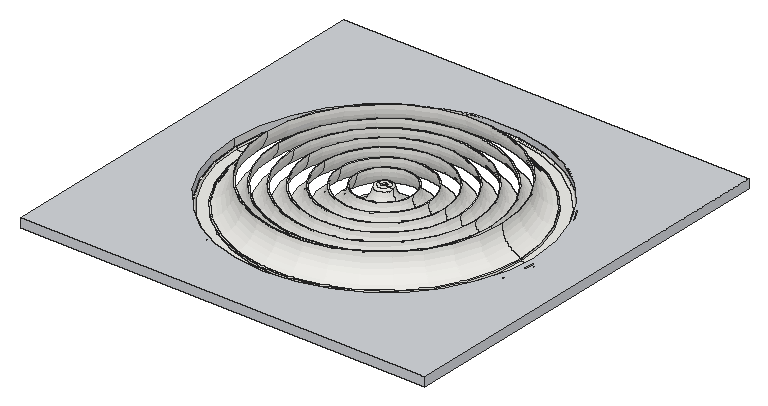
Revit family "MADEL_DIFFUSER_FIXED CONES_DCN-MOD_0", category Air Terminals, Revit 2015
Parameters (values of type "DCN-MOD/675-400")
  n_factor [instance] = 21.183
  m_factor = 2.2493  # constant formula
  c_factor [instance] = 10.261
  b_factor = -5.9678
  T24 [instance] = no
  T15 [instance] = no
  Standard = "UNE 23-727 M2/ NFP 92-501 M2/ DIN 4102 M2"  # constant formula
  Revit Version = "Revit 2015 - English"  # constant formula
  Review Date = "10/2016"  # constant formula
  R9010 [instance] = no
  R3E [instance] = yes
  Q [instance] = 844.2 m³/h
  Product Type [instance] = Model  # "DCN-MOD/675-400"
  Product Size = "dim.400"
  Product Reference [instance] = if(R3E, if(Nº Options = 2, if(PFLEX, if(E = 595.0 mm, "DCN-MOD/600+R3E+PFLEX", if(E = 620.0 mm, "DCN-MOD/625+R3E+PFLEX", if(E = 670.0 mm, "DCN-MOD/675+R3E+PFLEX", "Consult Manufacturer"))), if(T15, if(E = 595.0 mm, "DCN-MOD/600/T15+R3E", if(E = 620.0 mm, "DCN-MOD/625/T15+R3E", if(E = 670.0 mm, "DCN-MOD/675/T15+R3E", "Consult Manufacturer"))), if(T24, if(E = 595.0 mm, "DCN-MOD/600/T24+R3E", if(E = 620.0 mm, "DCN-MOD/625/T24+R3E", if(E = 670.0 mm, "DCN-MOD/675/T24+R3E", "Consult Manufacturer"))), "Consult Manufacturer"))), if(PFLEX, if(Nº Options = 3, if(T15, if(E = 595.0 mm, "DCN-MOD/600/T15+R3E+PFLEX", if(E = 620.0 mm, "DCN-MOD/625/T15+R3E+PFLEX", if(E = 670.0 mm, "DCN-MOD/675/T15+R3E+PFLEX", "Consult Manufacturer"))), if(T24, if(E = 595.0 mm, "DCN-MOD/600/T24+R3E+PFLEX", if(E = 620.0 mm, "DCN-MOD/625/T24+R3E+PFLEX", if(E = 670.0 mm, "DCN-MOD/675/T24+R3E+PFLEX", "Consult Manufacturer"))), "Consult Manufacturer")), "Consult Manufacturer"), if(Nº Options = 1, if(E = 595.0 mm, "DCN-MOD/600+R3E", if(E = 620.0 mm, "DCN-MOD/625+R3E", if(E = 670.0 mm, "DCN-MOD/675+R3E", "Consult Manufacturer"))), "Consult Manufacturer"))), if(PFLEX, if(Nº Options = 2, if(T15, if(E = 595.0 mm, "DCN-MOD/600/T15+PFLEX", if(E = 620.0 mm, "DCN-MOD/625/T15+PFLEX", if(E = 670.0 mm, "DCN-MOD/675/T15+PFLEX", "Consult Manufacturer"))), if(T24, if(E = 595.0 mm, "DCN-MOD/600/T24+PFLEX", if(E = 620.0 mm, "DCN-MOD/625/T24+PFLEX", if(E = 670.0 mm, "DCN-MOD/675/T24+PFLEX", "Consult Manufacturer"))), "Consult Manufacturer")), if(Nº Options = 1, if(E = 595.0 mm, "DCN-MOD/600+PFLEX", if(E = 620.0 mm, "DCN-MOD/625+PFLEX", if(E = 670.0 mm, "DCN-MOD/675+PFLEX", "Consult Manufacturer"))), "Consult Manufacturer")), if(Nº Options = 1, if(T15, if(E = 595.0 mm, "DCN-MOD/600/T15", if(E = 620.0 mm, "DCN-MOD/625/T15", if(E = 670.0 mm, "DCN-MOD/675/T15", "Consult Manufacturer"))), if(T24, if(E = 595.0 mm, "DCN-MOD/600/T24", if(E = 620.0 mm, "DCN-MOD/625/T24", if(E = 670.0 mm, "DCN-MOD/675/T24", "Consult Manufacturer"))), "Consult Manufacturer")), if(Nº Options = 0, if(E = 595.0 mm, "DCN-MOD/600", if(E = 620.0 mm, "DCN-MOD/625", if(E = 670.0 mm, "DCN-MOD/675", "Consult Manufacturer"))), "Consult Manufacturer"))))  # "DCN-MOD/675+R3E"
  PFLEX [instance] = no
  Vmin = 2.5 m/s  # constant formula
  Vmed = (Vmax + Vmin) / 2  # 3.35 m/s
  Vmax = 4.2 m/s
  V[m/s] [instance] = Q / Afree / 1.0 m/s  # 3.35
  URL = "http://www.madel.com/en/producto/dcn-fixed-cones-diffusers/"
  RAL [instance] = ""
  Nº Options [instance] = if(R3E, 1, 0) + if(PFLEX, 1, 0) + if(T15, 1, 0) + if(T24, 1, 0)  # 1
  Nº Finishes [instance] = if(M9016, 1, 0) + if(R9010, 1, 0)  # 1
  Model = "DCN-MOD/675-400"
  Material and finishes [instance] = if(and(M9016, Nº Finishes = 1), "M9016", if(and(R9010, Nº Finishes = 1), "R9010", if(Nº Finishes = 0, "Custom RAL", "Consult Manufacturer")))  # "M9016"
  Material Difusser = MADEL_M9016
  Material Ceiling Tile = none
  M9016 [instance] = yes
  Type Image = <None>
  Lw (dB(A)) [instance] = n_factor * (log([V[m/s]]) / log(2.7183)) + c_factor  # 35.8704
  IfcExportType = "IfcAirTerminalType"  # constant formula
  IfcExportAs = "IfcAirTerminalType"  # constant formula
  Min Flow = Vmin * Afree  # 630 m³/h
  Max Flow = Vmax * Afree  # 1058.4 m³/h
  Manufacturer = "MADEL"  # constant formula
  Family Version = "1.0"  # constant formula
  E = 670.0 mm
  Difusser = MADEL_DIFUSOR_CIRCULAR_DCN-CONOS : DCN-400
  Description = "MADEL_Fixed cones diffusers"  # constant formula
  D_Connector = 400.0 mm
  DPt [instance] = (10 ^ (log(Q / 1 m³/h) * m_factor + b_factor)) * 1.0 Pa  # 4.11692 Pa
  D3 = D1 - 2.0 mm  # 388.9 mm
  D2 = 499.6 mm
  D1 = 390.9 mm
  Type Comments = "The DCN series diffusers are designed to be used in air-conditioning, ventilation and heating. They can be mounted in false ceilings or suspended from the ceiling. Its circular shape assures a uniform air pattern in all directions, which provides a high level of induction rate of the air in the atmosphere. They can be used in premises up to 4 meters high and with a temperature differential up to 12º, obtaining good results, not only in air speed but also in sound pressure level in the comfort zone."  # constant formula
  Created by = "BIMETRICAL"  # constant formula
  BIMETRICAL Category = "AirTerminal"  # constant formula
  BIMETRICAL = "http://www.bimetrical.com"  # constant formula
  B = 15.0 mm
  Afree = 0.0700 m²
Types (18, lengths in mm): name | n_factor | c_factor | b_factor | T24 | Q | Product Type | Product Size | Product Reference | Vmed | Vmax | V[m/s] | Nº Options | Model | Lw (dB(A)) | Min Flow | Max Flow | E | Difusser | D_Connector | DPt | D3 | D2 | D1 | B | Afree
  DCN-MOD/600-160 | 23.863 | 0.4892 | -4.1956 | no | 221.76 m³/h | "DCN-MOD/600-160" | "dim.160" | "DCN-MOD/600+R3E" | 3.85 m/s | 5.2 m/s | 3.85 | 1 | "DCN-MOD/600-160" | 32.6583 | 144 m³/h | 299.52 m³/h | 595.0 | MADEL_DIFUSOR_CIRCULAR_DCN-CONOS : DCN-160 | 160.0 | 12.0469 Pa | 150.3 | 261.0 | 152.3 | 12.0 | 0.0160 m²
  DCN-MOD/600-200 | 21.253 | 2.729 | -4.6467 | no | 302.4 m³/h | "DCN-MOD/600-200" | "dim.200" | "DCN-MOD/600+R3E" | 4.2 m/s | 5.9 m/s | 4.2 | 1 | "DCN-MOD/600-200" | 33.2288 | 180 m³/h | 424.8 m³/h | 595.0 | MADEL_DIFUSOR_CIRCULAR_DCN-CONOS : DCN-200 | 200.0 | 8.56541 Pa | 193.3 | 304.0 | 195.3 | 12.0 | 0.0200 m²
  DCN-MOD/600-250 | 23.814 | 1.9153 | -4.9915 | no | 445.5 m³/h | "DCN-MOD/600-250" | "dim.250" | "DCN-MOD/600+R3E" | 3.75 m/s | 5.0 m/s | 3.75 | 1 | "DCN-MOD/600-250" | 33.3916 | 297 m³/h | 594 m³/h | 595.0 | MADEL_DIFUSOR_CIRCULAR_DCN-CONOS : DCN-250 | 250.0 | 9.25643 Pa | 242.3 | 353.0 | 244.3 | 12.0 | 0.0330 m²
  DCN-MOD/600-315 | 22.557 | 4.2741 | -5.3438 | no | 621 m³/h | "DCN-MOD/600-315" | "dim.315" | "DCN-MOD/600+R3E" | 3.75 m/s | 5.0 m/s | 3.75 | 1 | "DCN-MOD/600-315" | 34.0889 | 414 m³/h | 828 m³/h | 595.0 | MADEL_DIFUSOR_CIRCULAR_DCN-CONOS : DCN-315 | 315.0 | 8.6808 Pa | 304.0 | 414.6 | 306.0 | 12.0 | 0.0460 m²
  DCN-MOD/600-355 | 19.887 | 9.3703 | -5.6448 | no | 722.7 m³/h | "DCN-MOD/600-355" | "dim.355" | "DCN-MOD/600+R3E" | 3.65 m/s | 4.8 m/s | 3.65 | 1 | "DCN-MOD/600-355" | 35.1185 | 495 m³/h | 950.4 m³/h | 595.0 | MADEL_DIFUSOR_CIRCULAR_DCN-CONOS : DCN-355 | 355.0 | 6.10535 Pa | 343.9 | 454.6 | 345.9 | 12.0 | 0.0550 m²
  DCN-MOD/600-400 | 21.183 | 10.261 | -5.9678 | no | 844.2 m³/h | "DCN-MOD/600-400" | "dim.400" | "DCN-MOD/600+R3E" | 3.35 m/s | 4.2 m/s | 3.35 | 1 | "DCN-MOD/600-400" | 35.8704 | 630 m³/h | 1058.4 m³/h | 595.0 | MADEL_DIFUSOR_CIRCULAR_DCN-CONOS : DCN-400 | 400.0 | 4.11692 Pa | 388.9 | 499.6 | 390.9 | 12.0 | 0.0700 m²
  DCN-MOD/625-160 | 23.863 | 0.4892 | -4.1956 | no | 221.76 m³/h | "DCN-MOD/625-160" | "dim.160" | "DCN-MOD/625+R3E" | 3.85 m/s | 5.2 m/s | 3.85 | 1 | "DCN-MOD/625-160" | 32.6583 | 144 m³/h | 299.52 m³/h | 620.0 | MADEL_DIFUSOR_CIRCULAR_DCN-CONOS : DCN-160 | 160.0 | 12.0469 Pa | 150.3 | 261.0 | 152.3 | 12.0 | 0.0160 m²
  DCN-MOD/625-200 | 21.253 | 2.729 | -4.6467 | no | 302.4 m³/h | "DCN-MOD/625-200" | "dim.200" | "DCN-MOD/625+R3E" | 4.2 m/s | 5.9 m/s | 4.2 | 1 | "DCN-MOD/625-200" | 33.2288 | 180 m³/h | 424.8 m³/h | 620.0 | MADEL_DIFUSOR_CIRCULAR_DCN-CONOS : DCN-200 | 200.0 | 8.56541 Pa | 193.3 | 304.0 | 195.3 | 12.0 | 0.0200 m²
  DCN-MOD/625-250 | 23.814 | 1.9153 | -4.9915 | no | 445.5 m³/h | "DCN-MOD/625-250" | "dim.250" | "DCN-MOD/625+R3E" | 3.75 m/s | 5.0 m/s | 3.75 | 1 | "DCN-MOD/625-250" | 33.3916 | 297 m³/h | 594 m³/h | 620.0 | MADEL_DIFUSOR_CIRCULAR_DCN-CONOS : DCN-250 | 250.0 | 9.25643 Pa | 242.3 | 353.0 | 244.3 | 12.0 | 0.0330 m²
  DCN-MOD/625-315 | 22.557 | 4.2741 | -5.3438 | no | 621 m³/h | "DCN-MOD/625-315" | "dim.315" | "DCN-MOD/625+R3E" | 3.75 m/s | 5.0 m/s | 3.75 | 1 | "DCN-MOD/625-315" | 34.0889 | 414 m³/h | 828 m³/h | 620.0 | MADEL_DIFUSOR_CIRCULAR_DCN-CONOS : DCN-315 | 315.0 | 8.6808 Pa | 304.0 | 414.6 | 306.0 | 12.0 | 0.0460 m²
  DCN-MOD/625-355 | 19.887 | 9.3703 | -5.6448 | no | 722.7 m³/h | "DCN-MOD/625-355" | "dim.355" | "DCN-MOD/625+R3E" | 3.65 m/s | 4.8 m/s | 3.65 | 1 | "DCN-MOD/625-355" | 35.1185 | 495 m³/h | 950.4 m³/h | 620.0 | MADEL_DIFUSOR_CIRCULAR_DCN-CONOS : DCN-355 | 355.0 | 6.10535 Pa | 343.9 | 454.6 | 345.9 | 12.0 | 0.0550 m²
  DCN-MOD/625-400 | 21.183 | 10.261 | -5.9678 | no | 844.2 m³/h | "DCN-MOD/625-400" | "dim.400" | "DCN-MOD/625+R3E" | 3.35 m/s | 4.2 m/s | 3.35 | 1 | "DCN-MOD/625-400" | 35.8704 | 630 m³/h | 1058.4 m³/h | 620.0 | MADEL_DIFUSOR_CIRCULAR_DCN-CONOS : DCN-400 | 400.0 | 4.11692 Pa | 388.9 | 499.6 | 390.9 | 12.0 | 0.0700 m²
  DCN-MOD/675-160 | 23.863 | 0.4892 | -4.1956 | no | 221.76 m³/h | "DCN-MOD/675-160" | "dim.160" | "DCN-MOD/675+R3E" | 3.85 m/s | 5.2 m/s | 3.85 | 1 | "DCN-MOD/675-160" | 32.6583 | 144 m³/h | 299.52 m³/h | 670.0 | MADEL_DIFUSOR_CIRCULAR_DCN-CONOS : DCN-160 | 160.0 | 12.0469 Pa | 150.3 | 261.0 | 152.3 | 15.0 | 0.0160 m²
  DCN-MOD/675-200 | 21.253 | 2.729 | -4.6467 | no | 302.4 m³/h | "DCN-MOD/675-200" | "dim.200" | "DCN-MOD/675+R3E" | 4.2 m/s | 5.9 m/s | 4.2 | 1 | "DCN-MOD/675-200" | 33.2288 | 180 m³/h | 424.8 m³/h | 670.0 | MADEL_DIFUSOR_CIRCULAR_DCN-CONOS : DCN-200 | 200.0 | 8.56541 Pa | 193.3 | 304.0 | 195.3 | 15.0 | 0.0200 m²
  DCN-MOD/675-250 | 23.814 | 1.9153 | -4.9915 | no | 445.5 m³/h | "DCN-MOD/675-250" | "dim.250" | "DCN-MOD/675+R3E" | 3.75 m/s | 5.0 m/s | 3.75 | 1 | "DCN-MOD/675-250" | 33.3916 | 297 m³/h | 594 m³/h | 670.0 | MADEL_DIFUSOR_CIRCULAR_DCN-CONOS : DCN-250 | 250.0 | 9.25643 Pa | 242.3 | 353.0 | 244.3 | 15.0 | 0.0330 m²
  DCN-MOD/675-315 | 22.557 | 4.2741 | -5.3438 | yes | 621 m³/h | "DCN-MOD/675-315" | "dim.315" | "DCN-MOD/675/T24+R3E" | 3.75 m/s | 5.0 m/s | 3.75 | 2 | "DCN-MOD/675-315" | 34.0889 | 414 m³/h | 828 m³/h | 670.0 | MADEL_DIFUSOR_CIRCULAR_DCN-CONOS : DCN-315 | 315.0 | 8.6808 Pa | 304.0 | 414.6 | 306.0 | 15.0 | 0.0460 m²
  DCN-MOD/675-355 | 19.887 | 9.3703 | -5.6448 | no | 722.7 m³/h | "DCN-MOD/675-355" | "dim.355" | "DCN-MOD/675+R3E" | 3.65 m/s | 4.8 m/s | 3.65 | 1 | "DCN-MOD/675-355" | 35.1185 | 495 m³/h | 950.4 m³/h | 670.0 | MADEL_DIFUSOR_CIRCULAR_DCN-CONOS : DCN-355 | 355.0 | 6.10535 Pa | 343.9 | 454.6 | 345.9 | 15.0 | 0.0550 m²
  DCN-MOD/675-400 | 21.183 | 10.261 | -5.9678 | no | 844.2 m³/h | "DCN-MOD/675-400" | "dim.400" | "DCN-MOD/675+R3E" | 3.35 m/s | 4.2 m/s | 3.35 | 1 | "DCN-MOD/675-400" | 35.8704 | 630 m³/h | 1058.4 m³/h | 670.0 | MADEL_DIFUSOR_CIRCULAR_DCN-CONOS : DCN-400 | 400.0 | 4.11692 Pa | 388.9 | 499.6 | 390.9 | 15.0 | 0.0700 m²
Reference planes
  plane 1 "Centro (Frontal/Posterior)": z = 0
  plane 2: y = 352.248
  plane 3 "Centro (Izquierda/Derecha)": x = 0
  plane 4: x = -335
  plane 5: x = 335
  plane 6: y = 687.248
  plane 7: y = 17.248
  plane 8: z = 15
Forms (mm)
  Extrusion 1, solid, material <- "Material Ceiling Tile"
    sketch origin (0, 0, 0) x (1, 0, 0) y (0, 1, 0)
      loop
        line (-335, 687.248) -> (-335, 17.248) -> (335, 17.248) -> (335, 687.248) -> (-335, 687.248)
      loop
        circle (0, 352.248) r 249.8
    from 0 to 15
  Extrusion 2, solid, material "MADEL_M9016" <- "Material Difusser", visible <- "PFLEX"
    sketch origin (0, 0, 0) x (1, 0, 0) y (0, 1, 0)
      loop
        circle (0, 352.248) r 195.45
      loop
        circle (0, 352.248) r 194.45
    from 45.006 to 95
Lines and regions (mm)
  symbolic lines
    curve 1: line (-335, 687.248, 0) -> (335, 687.248, 0)
    curve 2: line (-335, 17.248, 0) -> (-335, 687.248, 0)
    curve 3: line (335, 17.248, 0) -> (-335, 17.248, 0)
    curve 4: line (335, 687.248, 0) -> (335, 17.248, 0)
Dimensions and locks
  equal spacing: plane 4, plane 3 "Centro (Izquierda/Derecha)", plane 5
  "E": plane 4 to plane 5
  equal spacing: plane 6, plane 2, plane 7
  "E": plane 6 to plane 7
  "B": plane 8 to plane 1 "Centro (Frontal/Posterior)"
  "D2": diameter of Extrusion 1 sketch curve
  "D3": diameter of Extrusion 2 sketch curve
  "D1": diameter of Extrusion 2 sketch curve
  aligned and locked: plane 2 to nested 1
  aligned and locked: plane 3 "Centro (Izquierda/Derecha)" to nested 1
  aligned and locked: plane 1 "Centro (Frontal/Posterior)" to nested 1
  aligned and locked: Extrusion 1 sketch curve to plane 6
  aligned and locked: plane 4 to Extrusion 1 sketch curve
  aligned and locked: plane 7 to Extrusion 1 sketch curve
  aligned and locked: Extrusion 1 sketch curve to plane 5
  aligned and locked: plane 7 to curve 3
  aligned and locked: curve 4 to plane 5
  aligned and locked: curve 1 to plane 6
  aligned and locked: plane 4 to curve 2
  aligned and locked: plane 8 to Extrusion 1
  aligned and locked: plane 1 "Centro (Frontal/Posterior)" to Extrusion 1
  aligned and locked: plane 2 to Extrusion 2 sketch curve  (x2)
  aligned and locked: plane 3 "Centro (Izquierda/Derecha)" to Extrusion 2 sketch curve  (x2)
Automatic sketch dimensions
  plane 2 to Extrusion 1 sketch curve = 0.0 mm
  Extrusion 1 sketch curve to plane 3 "Centro (Izquierda/Derecha)" = 0.0 mm
Nested families
  nested 1: "MADEL_DIFUSOR_CIRCULAR_DCN-CONOS" at (0, 352.248, 0), type <- "Difusser", type "DCN-400"
Connectors
  hvac at (0, 352.248, 45.006), driven by "D_Connector", driven by "DPt", driven by "Q"
    settings: on nested 1, index 1, duct flow 844.2 m³/h, flow factor 0, pres drop 4.11692 Pa, loss coef 0, conn angle 0.00°, conn width 304.8 mm, conn height 304.8 mm, conn diameter 400 mm, duct sys type 1, conn prof type 0, flow config 1, flow direction 1, loss method 4, conn ref index -1, conn util no, is conn primary yes, conn desc ""
Definition of nested family "MADEL_DIFUSOR_CIRCULAR_DCN-CONOS"
  Parameters (values of type "DCN-400")
    V400 = yes
    V355 = yes
    V315 = yes
    V250 = yes
    V200 = yes
    V160 = yes
    Material Difusor = none
    Cono Interior = DCN_INT : DCN_INT
    Cono Exterior = DCN_EXT_400 : DCN_EXT_400
  Types (6, lengths in mm): name | V400 | V355 | V315 | V250 | V200 | Cono Exterior
    DCN-160 | no | no | no | no | no | DCN_EXT_160 : DCN_EXT_160
    DCN-200 | no | no | no | no | yes | DCN_EXT_200 : DCN_EXT_200
    DCN-250 | no | no | no | yes | yes | DCN_EXT_250 : DCN_EXT_250
    DCN-315 | no | no | yes | yes | yes | DCN_EXT_315 : DCN_EXT_315
    DCN-355 | no | yes | yes | yes | yes | DCN_EXT_355 : DCN_EXT_355
    DCN-400 | yes | yes | yes | yes | yes | DCN_EXT_400 : DCN_EXT_400
  Reference planes
    plane 1 "Centro (Frontal/Posterior)": y = 0
    plane 2: z = 0
    plane 3 "Centro (Izquierda/Derecha)": x = 0
  Dimensions and locks
    aligned and locked: level to plane 2
  Nested families
    nested 1: "DCN_EXT_400" at (0, 0, 0), type <- "Cono Exterior", type "DCN_EXT_400"
    nested 2: "DCN_INT" at (0, 0, 0), type "DCN_INT"
    nested 3: "DCN_MED_160" at (0, 0, 0), visible <- "V160", type "DCN_MED_160"
    nested 4: "DCN_MED_200" at (0, 0, 0), visible <- "V200", type "DCN_MED_200"
    nested 5: "DCN_MED_250" at (0, 0, 0), visible <- "V250", type "DCN_MED_250"
    nested 6: "DCN_MED_315" at (0, 0, 0), visible <- "V315", type "DCN_MED_315"
    nested 7: "DCN_MED_355" at (0, 0, 0), visible <- "V355", type "DCN_MED_355"
    nested 8: "DCN_MED_400" at (0, 0, 0), visible <- "V400", type "DCN_MED_400"
  Definition of nested family "DCN_EXT_400"
    Parameters (values of type "DCN_EXT_400")
      Ø int = Ø ext - 50.0 mm  # 449.6 mm
      Ø ext = 499.6 mm
      Material Difusor = none
    Reference planes
      plane 1 "Centro (Frontal/Posterior)": y = 0
      plane 2: z = 0
      plane 3 "Centro (Izquierda/Derecha)": x = 0
    Forms (mm)
      Revolve 1, solid, material <- "Material Difusor", detail levels medium+fine
        sketch origin (0, 0, 0) x (1, 0, 0) y (0, 0, 1)
          loop
            arc (-226.157, 5.05) -> (-226.693, 4.693) -> (-226.9, 4.083) r 1
            line (-226.9, 4.083) -> (-226.9, 1.2) -> (-247.3, 1.2)
            arc (-247.3, 1.2) -> (-248.198, 3.44) -> (-246.001, 2.441) r 1.3
            line (-246.001, 2.441) -> (-244.803, 2.386)
            arc (-244.803, 2.386) -> (-249.027, 4.308) -> (-247.3, 0) r 2.5
            line (-247.3, 0) -> (-226.8, 0)
            arc (-226.8, 0) -> (-226.093, 0.293) -> (-225.8, 1) r 1
            line (-225.8, 1) -> (-225.8, 4.006)
            arc (-225.8, 4.006) -> (-203.104, 19.164) -> (-194.33, 45.006) r 42.443
            line (-194.33, 45.006) -> (-195.43, 45.006)
            arc (-195.43, 45.006) -> (-204, 19.804) -> (-226.157, 5.05) r 41.343
          axis (0, 45.006) -> (0, 0)
        angle from 0 to 360
      Revolve 2, solid, material <- "Material Difusor", detail levels coarse
        sketch origin (0, 0, 0) x (1, 0, 0) y (0, 0, 1)
          loop
            line (0, 45.006) -> (-195.43, 45.006)
            arc (-195.43, 45.006) -> (-204, 19.804) -> (-226.157, 5.05) r 41.343
            arc (-226.157, 5.05) -> (-226.693, 4.693) -> (-226.9, 4.083) r 1
            line (-226.9, 4.083) -> (-226.9, 1.2) -> (-247.3, 1.2)
            arc (-247.3, 1.2) -> (-248.198, 3.44) -> (-246.001, 2.441) r 1.3
            line (-246.001, 2.441) -> (-244.803, 2.386)
            arc (-244.803, 2.386) -> (-249.027, 4.308) -> (-247.3, 0) r 2.5
            line (-247.3, 0) -> (0, 0) -> (0, 45.006)
          axis (0, 45.006) -> (0, 0)
        angle from 0 to 360
    Lines and regions (mm)
      symbolic lines
        curve 1: circle (0, 0, 0) r 249.8 normal (0, 0, 1)
        curve 2: circle (0, 0, 0) r 224.8 normal (0, 0, 1)
    Dimensions and locks
      "Ø ext": diameter of curve 1
      "Ø int": diameter of curve 2
      aligned and locked: level to plane 2
    Automatic sketch dimensions
      Revolve 2 sketch curve to Revolve 2 sketch curve = 0.0 mm  (x2)
      Revolve 2 sketch curve to plane 3 "Centro (Izquierda/Derecha)" = 0.0 mm  (x2)
      Revolve 2 sketch curve to level = 0.0 mm
      Revolve 2 sketch curve to Revolve 2 sketch curve = 1.0 mm
      level to Revolve 2 sketch curve = 2.386 mm
      Revolve 2 sketch curve to Revolve 2 sketch curve = 17.903 mm
      level to Revolve 2 sketch curve = 2.441 mm
      Revolve 2 sketch curve to Revolve 2 sketch curve = 1.199 mm
      Revolve 2 sketch curve to Revolve 2 sketch curve = 1.299 mm
      level to Revolve 2 sketch curve = 45.006 mm
      Revolve 2 sketch curve to level = 366.045 mm
      Revolve 2 sketch curve to Revolve 2 sketch curve = 2169.309 mm
      Revolve 2 sketch curve to Revolve 2 sketch curve = 195.43 mm
      Revolve 2 sketch curve to Revolve 2 sketch curve = 41.343 mm
      Revolve 2 sketch curve to Revolve 2 sketch curve = 8.03 mm
      Revolve 2 sketch curve to Revolve 2 sketch curve = 2.883 mm
      Revolve 1 sketch curve to Revolve 1 sketch curve = 0.0 mm  (x3)
      Revolve 1 sketch curve to level = 0.0 mm
      Revolve 1 sketch curve to plane 3 "Centro (Izquierda/Derecha)" = 0.0 mm
      level to Revolve 1 sketch curve = 45.006 mm
      Revolve 1 sketch curve to plane 3 "Centro (Izquierda/Derecha)" = 194.33 mm
      Revolve 1 sketch curve to Revolve 1 sketch curve = 1.1 mm
      level to Revolve 1 sketch curve = 1.0 mm
      Revolve 1 sketch curve to Revolve 1 sketch curve = 30.37 mm
      Revolve 1 sketch curve to Revolve 1 sketch curve = 0.1 mm  (x2)
      Revolve 1 sketch curve to Revolve 1 sketch curve = 41.343 mm
      level to Revolve 1 sketch curve = 2.386 mm
      Revolve 1 sketch curve to Revolve 1 sketch curve = 17.903 mm
      level to Revolve 1 sketch curve = 2.441 mm
      Revolve 1 sketch curve to Revolve 1 sketch curve = 1.199 mm
      Revolve 1 sketch curve to Revolve 1 sketch curve = 1.299 mm
      Revolve 1 sketch curve to Revolve 1 sketch curve = 0.077 mm
      Revolve 1 sketch curve to level = 366.045 mm
      Revolve 1 sketch curve to Revolve 1 sketch curve = 2169.309 mm
      curve 1 to curve 2 = 0.0 mm  (x2)
      plane 1 "Centro (Frontal/Posterior)" to curve 2 = 0.0 mm
      curve 2 to plane 3 "Centro (Izquierda/Derecha)" = 0.0 mm
  Definition of nested family "DCN_INT"
    Parameters (values of type "DCN_INT")
      Ø ext = 87.5 mm
      Material Difusor = none
    Reference planes
      plane 1 "Centro (Frontal/Posterior)": y = 0
      plane 2: z = 0
      plane 3 "Centro (Izquierda/Derecha)": x = 0
    Forms (mm)
      Revolve 1, solid, material <- "Material Difusor", detail levels medium+fine
        sketch origin (0, 0, 0) x (1, 0, 0) y (0, 0, 1)
          loop
            arc (-41.858, 0) -> (-23.06, 11.988) -> (-13.315, 32.04) r 41
            arc (-13.315, 32.04) -> (-12.458, 33.517) -> (-10.854, 34.1) r 2.5
            line (-10.854, 34.1) -> (-3.95, 34.1) -> (-3.95, 35.2) -> (-10.854, 35.2)
            arc (-10.854, 35.2) -> (-13.164, 34.361) -> (-14.398, 32.234) r 3.6
            arc (-14.398, 32.234) -> (-24.04, 12.543) -> (-42.631, 0.919) r 39.9
            line (-42.631, 0.919) -> (-41.858, 0)
          axis (0, 35.2) -> (0, 0)
        angle from 0 to 360
    Lines and regions (mm)
      symbolic lines
        curve 1: circle (0, 0, 0) r 43.75 normal (0, 0, 1)
    Dimensions and locks
      "Ø ext": diameter of curve 1
      aligned and locked: level to plane 2
    Automatic sketch dimensions
      Revolve 1 sketch curve to plane 3 "Centro (Izquierda/Derecha)" = 0.0 mm
      Revolve 1 sketch curve to level = 366.045 mm
      level to Revolve 1 sketch curve = 2214.315 mm
      Revolve 1 sketch curve to Revolve 1 sketch curve = 0.0 mm  (x4)
      level to Revolve 1 sketch curve = 0.919 mm
      Revolve 1 sketch curve to Revolve 1 sketch curve = 11.043 mm
      level to Revolve 1 sketch curve = 0.0 mm
      Revolve 1 sketch curve to Revolve 1 sketch curve = 0.772 mm
      Revolve 1 sketch curve to Revolve 1 sketch curve = 42.82 mm
      Revolve 1 sketch curve to Revolve 1 sketch curve = 6.904 mm
      Revolve 1 sketch curve to Revolve 1 sketch curve = 30.681 mm
      Revolve 1 sketch curve to Revolve 1 sketch curve = 2.5 mm
      Revolve 1 sketch curve to Revolve 1 sketch curve = 1.1 mm
      Revolve 1 sketch curve to Revolve 1 sketch curve = 38.341 mm
      Revolve 1 sketch curve to plane 3 "Centro (Izquierda/Derecha)" = 53.674 mm
      plane 1 "Centro (Frontal/Posterior)" to curve 1 = 0.0 mm
      curve 1 to plane 3 "Centro (Izquierda/Derecha)" = 0.0 mm
  Definition of nested family "DCN_MED_160"
    Parameters (values of type "DCN_MED_160")
      Ø ext = 141.0 mm
      Material Difusor = none
    Reference planes
      plane 1 "Centro (Frontal/Posterior)": y = 0
      plane 2: z = 0
      plane 3 "Centro (Izquierda/Derecha)": x = 0
    Forms (mm)
      Revolve 1, solid, material <- "Material Difusor", detail levels medium+fine
        sketch origin (0, 0, 0) x (1, 0, 0) y (0, 0, 1)
          loop
            line (-70.5, 1.027) -> (-70.106, 0)
            arc (-70.106, 0) -> (-52.728, 13.682) -> (-46.154, 34.8) r 37.3
            line (-46.154, 34.8) -> (-47.254, 34.801)
            arc (-47.254, 34.801) -> (-53.635, 14.306) -> (-70.5, 1.027) r 36.2
          axis (0, 34.801) -> (0, 0)
        angle from 0 to 360
    Lines and regions (mm)
      symbolic lines
        curve 1: circle (0, 0, 0) r 70.5 normal (0, 0, 1)
    Dimensions and locks
      "Ø ext": diameter of curve 1
      aligned and locked: level to plane 2
    Automatic sketch dimensions
      Revolve 1 sketch curve to Revolve 1 sketch curve = 0.0 mm  (x2)
      Revolve 1 sketch curve to level = 0.0 mm
      Revolve 1 sketch curve to plane 3 "Centro (Izquierda/Derecha)" = 0.0 mm
      Revolve 1 sketch curve to plane 3 "Centro (Izquierda/Derecha)" = 46.154 mm
      Revolve 1 sketch curve to Revolve 1 sketch curve = 1.1 mm
      Revolve 1 sketch curve to Revolve 1 sketch curve = 22.853 mm
      level to Revolve 1 sketch curve = 1.027 mm
      Revolve 1 sketch curve to Revolve 1 sketch curve = 0.394 mm
      level to Revolve 1 sketch curve = 34.83 mm
      Revolve 1 sketch curve to Revolve 1 sketch curve = 12.954 mm
      Revolve 1 sketch curve to level = 366.045 mm
      Revolve 1 sketch curve to Revolve 1 sketch curve = 2179.515 mm
      plane 1 "Centro (Frontal/Posterior)" to curve 1 = 0.0 mm
      curve 1 to plane 3 "Centro (Izquierda/Derecha)" = 0.0 mm
  Definition of nested family "DCN_MED_200"
    Parameters (values of type "DCN_MED_200")
      Ø ext = 194.0 mm
      Material Difusor = none
    Reference planes
      plane 1 "Centro (Frontal/Posterior)": y = 0
      plane 2: z = 0
      plane 3 "Centro (Izquierda/Derecha)": x = 0
    Forms (mm)
      Revolve 1, solid, material <- "Material Difusor", detail levels medium+fine
        sketch origin (0, 0, 0) x (1, 0, 0) y (0, 0, 1)
          loop
            line (-97, 1.027) -> (-96.606, 0)
            arc (-96.606, 0) -> (-79.228, 13.682) -> (-72.654, 34.8) r 37.3
            line (-72.654, 34.8) -> (-73.754, 34.801)
            arc (-73.754, 34.801) -> (-80.135, 14.306) -> (-97, 1.027) r 36.2
          axis (0, 34.801) -> (0, 0)
        angle from 0 to 360
    Lines and regions (mm)
      symbolic lines
        curve 1: circle (0, 0, 0) r 97 normal (0, 0, 1)
    Dimensions and locks
      "Ø ext": diameter of curve 1
      aligned and locked: level to plane 2
    Automatic sketch dimensions
      Revolve 1 sketch curve to Revolve 1 sketch curve = 0.0 mm  (x2)
      Revolve 1 sketch curve to level = 0.0 mm
      Revolve 1 sketch curve to plane 3 "Centro (Izquierda/Derecha)" = 0.0 mm
      Revolve 1 sketch curve to plane 3 "Centro (Izquierda/Derecha)" = 72.654 mm
      Revolve 1 sketch curve to Revolve 1 sketch curve = 1.1 mm
      Revolve 1 sketch curve to Revolve 1 sketch curve = 22.853 mm
      level to Revolve 1 sketch curve = 1.027 mm
      Revolve 1 sketch curve to Revolve 1 sketch curve = 0.394 mm
      level to Revolve 1 sketch curve = 34.83 mm
      Revolve 1 sketch curve to Revolve 1 sketch curve = 12.954 mm
      Revolve 1 sketch curve to level = 366.045 mm
      Revolve 1 sketch curve to Revolve 1 sketch curve = 2179.515 mm
      plane 1 "Centro (Frontal/Posterior)" to curve 1 = 0.0 mm
      curve 1 to plane 3 "Centro (Izquierda/Derecha)" = 0.0 mm
  Definition of nested family "DCN_MED_250"
    Parameters (values of type "DCN_MED_250")
      Ø ext = 248.0 mm
      Material Difusor = none
    Reference planes
      plane 1 "Centro (Frontal/Posterior)": y = 0
      plane 2: z = 0
      plane 3 "Centro (Izquierda/Derecha)": x = 0
    Forms (mm)
      Revolve 1, solid, material <- "Material Difusor", detail levels medium+fine
        sketch origin (0, 0, 0) x (1, 0, 0) y (0, 0, 1)
          loop
            line (-124, 1.027) -> (-123.606, 0)
            arc (-123.606, 0) -> (-106.228, 13.682) -> (-99.654, 34.8) r 37.3
            line (-99.654, 34.8) -> (-100.754, 34.801)
            arc (-100.754, 34.801) -> (-107.135, 14.306) -> (-124, 1.027) r 36.2
          axis (0, 34.801) -> (0, 0)
        angle from 0 to 360
    Lines and regions (mm)
      symbolic lines
        curve 1: circle (0, 0, 0) r 124 normal (0, 0, 1)
    Dimensions and locks
      "Ø ext": diameter of curve 1
      aligned and locked: level to plane 2
    Automatic sketch dimensions
      Revolve 1 sketch curve to Revolve 1 sketch curve = 0.0 mm  (x2)
      Revolve 1 sketch curve to level = 0.0 mm
      Revolve 1 sketch curve to plane 3 "Centro (Izquierda/Derecha)" = 0.0 mm
      level to Revolve 1 sketch curve = 34.8 mm
      Revolve 1 sketch curve to plane 3 "Centro (Izquierda/Derecha)" = 99.654 mm
      Revolve 1 sketch curve to Revolve 1 sketch curve = 1.1 mm
      Revolve 1 sketch curve to Revolve 1 sketch curve = 22.853 mm
      level to Revolve 1 sketch curve = 1.027 mm
      level to Revolve 1 sketch curve = 34.83 mm
      Revolve 1 sketch curve to level = 366.045 mm
      Revolve 1 sketch curve to Revolve 1 sketch curve = 0.394 mm
      Revolve 1 sketch curve to Revolve 1 sketch curve = 2179.515 mm
      plane 1 "Centro (Frontal/Posterior)" to curve 1 = 0.0 mm
      curve 1 to plane 3 "Centro (Izquierda/Derecha)" = 0.0 mm
  Definition of nested family "DCN_MED_315"
    Parameters (values of type "DCN_MED_315")
      Ø ext = 299.0 mm
      Material Difusor = none
    Reference planes
      plane 1 "Centro (Frontal/Posterior)": y = 0
      plane 2: z = 0
      plane 3 "Centro (Izquierda/Derecha)": x = 0
    Forms (mm)
      Revolve 1, solid, material <- "Material Difusor", detail levels medium+fine
        sketch origin (0, 0, 0) x (1, 0, 0) y (0, 0, 1)
          loop
            line (-149.5, 1.027) -> (-149.106, 0)
            arc (-149.106, 0) -> (-131.728, 13.682) -> (-125.154, 34.8) r 37.3
            line (-125.154, 34.8) -> (-126.254, 34.801)
            arc (-126.254, 34.801) -> (-132.635, 14.306) -> (-149.5, 1.027) r 36.2
          axis (0, 34.801) -> (0, 0)
        angle from 0 to 360
    Lines and regions (mm)
      symbolic lines
        curve 1: circle (0, 0, 0) r 149.5 normal (0, 0, 1)
    Dimensions and locks
      "Ø ext": diameter of curve 1
      aligned and locked: level to plane 2
    Automatic sketch dimensions
      Revolve 1 sketch curve to Revolve 1 sketch curve = 0.0 mm  (x2)
      Revolve 1 sketch curve to level = 0.0 mm
      Revolve 1 sketch curve to plane 3 "Centro (Izquierda/Derecha)" = 0.0 mm
      level to Revolve 1 sketch curve = 34.8 mm
      Revolve 1 sketch curve to plane 3 "Centro (Izquierda/Derecha)" = 125.154 mm
      Revolve 1 sketch curve to Revolve 1 sketch curve = 1.1 mm
      Revolve 1 sketch curve to Revolve 1 sketch curve = 22.853 mm
      level to Revolve 1 sketch curve = 1.027 mm
      level to Revolve 1 sketch curve = 34.83 mm
      Revolve 1 sketch curve to Revolve 1 sketch curve = 0.394 mm
      Revolve 1 sketch curve to level = 366.045 mm
      Revolve 1 sketch curve to Revolve 1 sketch curve = 2179.515 mm
      plane 1 "Centro (Frontal/Posterior)" to curve 1 = 0.0 mm
      curve 1 to plane 3 "Centro (Izquierda/Derecha)" = 0.0 mm
  Definition of nested family "DCN_MED_355"
    Parameters (values of type "DCN_MED_355")
      Ø ext = 349.0 mm
      Material Difusor = none
    Reference planes
      plane 1 "Centro (Frontal/Posterior)": y = 0
      plane 2: z = 0
      plane 3 "Centro (Izquierda/Derecha)": x = 0
    Forms (mm)
      Revolve 1, solid, material <- "Material Difusor", detail levels medium+fine
        sketch origin (0, 0, 0) x (1, 0, 0) y (0, 0, 1)
          loop
            line (-174.5, 1.027) -> (-174.106, 0)
            arc (-174.106, 0) -> (-156.728, 13.682) -> (-150.154, 34.8) r 37.3
            line (-150.154, 34.8) -> (-151.254, 34.801)
            arc (-151.254, 34.801) -> (-157.635, 14.306) -> (-174.5, 1.027) r 36.2
          axis (0, 34.801) -> (0, 0)
        angle from 0 to 360
    Lines and regions (mm)
      symbolic lines
        curve 1: circle (0, 0, 0) r 174.5 normal (0, 0, 1)
    Dimensions and locks
      "Ø ext": diameter of curve 1
      aligned and locked: level to plane 2
    Automatic sketch dimensions
      Revolve 1 sketch curve to Revolve 1 sketch curve = 0.0 mm  (x4)
      Revolve 1 sketch curve to level = 0.0 mm
      Revolve 1 sketch curve to plane 3 "Centro (Izquierda/Derecha)" = 0.0 mm
      level to Revolve 1 sketch curve = 34.8 mm
      Revolve 1 sketch curve to plane 3 "Centro (Izquierda/Derecha)" = 150.154 mm
      Revolve 1 sketch curve to Revolve 1 sketch curve = 1.1 mm
      Revolve 1 sketch curve to Revolve 1 sketch curve = 22.853 mm
      level to Revolve 1 sketch curve = 1.027 mm
      Revolve 1 sketch curve to level = 366.045 mm
      Revolve 1 sketch curve to Revolve 1 sketch curve = 0.394 mm
      level to Revolve 1 sketch curve = 34.83 mm
      Revolve 1 sketch curve to Revolve 1 sketch curve = 2179.515 mm
      plane 1 "Centro (Frontal/Posterior)" to curve 1 = 0.0 mm
      curve 1 to plane 3 "Centro (Izquierda/Derecha)" = 0.0 mm
  Definition of nested family "DCN_MED_400"
    Parameters (values of type "DCN_MED_400")
      Ø ext = 400.0 mm
      Material Difusor = none
    Reference planes
      plane 1 "Centro (Frontal/Posterior)": y = 0
      plane 2: z = 0
      plane 3 "Centro (Izquierda/Derecha)": x = 0
    Forms (mm)
      Revolve 1, solid, material <- "Material Difusor", detail levels medium+fine
        sketch origin (0, 0, 0) x (1, 0, 0) y (0, 0, 1)
          loop
            line (-200, 1.027) -> (-199.606, 0)
            arc (-199.606, 0) -> (-182.228, 13.682) -> (-175.654, 34.8) r 37.3
            line (-175.654, 34.8) -> (-176.754, 34.801)
            arc (-176.754, 34.801) -> (-183.135, 14.306) -> (-200, 1.027) r 36.2
          axis (0, 34.801) -> (0, 0)
        angle from 0 to 360
    Lines and regions (mm)
      symbolic lines
        curve 1: circle (0, 0, 0) r 200 normal (0, 0, 1)
    Dimensions and locks
      "Ø ext": diameter of curve 1
      aligned and locked: level to plane 2
    Automatic sketch dimensions
      Revolve 1 sketch curve to Revolve 1 sketch curve = 0.0 mm  (x2)
      Revolve 1 sketch curve to level = 0.0 mm
      Revolve 1 sketch curve to plane 3 "Centro (Izquierda/Derecha)" = 0.0 mm
      level to Revolve 1 sketch curve = 34.8 mm
      Revolve 1 sketch curve to plane 3 "Centro (Izquierda/Derecha)" = 175.654 mm
      Revolve 1 sketch curve to Revolve 1 sketch curve = 1.1 mm
      Revolve 1 sketch curve to Revolve 1 sketch curve = 22.853 mm
      level to Revolve 1 sketch curve = 1.027 mm
      level to Revolve 1 sketch curve = 34.83 mm
      Revolve 1 sketch curve to Revolve 1 sketch curve = 0.394 mm
      Revolve 1 sketch curve to level = 366.045 mm
      Revolve 1 sketch curve to Revolve 1 sketch curve = 2179.515 mm
      plane 1 "Centro (Frontal/Posterior)" to curve 1 = 0.0 mm
      curve 1 to plane 3 "Centro (Izquierda/Derecha)" = 0.0 mm
